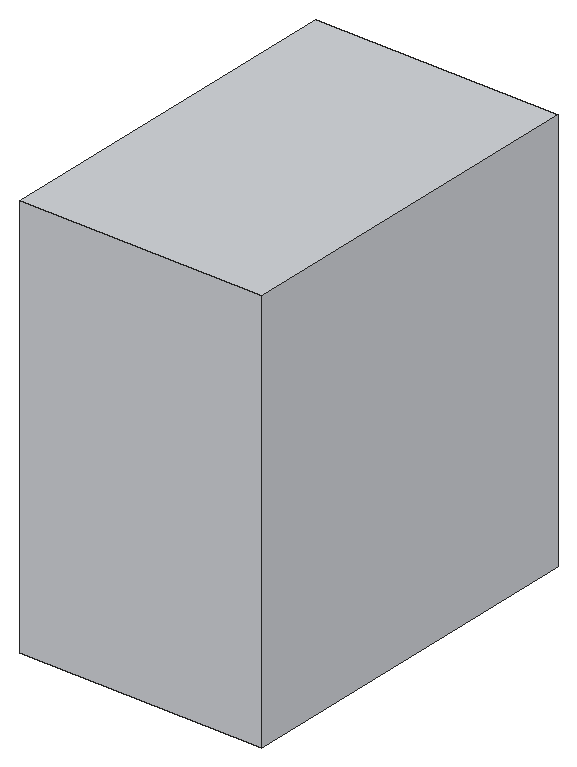
Revit family
Parameters
  Warranty Duration (Years) = 0
  Unit Width [instance] = 1' - 4 1/16"
  Unit Height [instance] = 3' - 5 1/4"
  Unit Depth = 0' - 0 1/2"
  URL = "http://www.americanspecialties.com/viewCategories.cfm"
  Trim Material = Metal - Stainless Steel
  Test Data = ""
  Specification = "http://www.arcat.com/sdspecs/htm/10810asi.htm"
  SpecWizard = ""
  Send Message = "http://www.arcat.com/users.pl?action=UserEmail&company=American%20Specialties,%20Inc.&coid=30448&rep=139&fax=914-476-0688&mf="
  Sales Information = "http://www.americanspecialties.com/contact"
  Revision = "R1_10-2010"
  Product Properties = "http://www.americanspecialties.com/datasheets/64696A%20R3.pdf"
  Product Data = "http://www.arcat.com/arcatcos/cos30/arc30448.html"
  Model = "As Specified in 10 28 13"
  Manufacturer Website = "http://www.americanspecialties.com/viewCategories.cfm"
  Manufacturer Phone - Toll Free = ""
  Manufacturer Phone = "914-476-9000 "
  Manufacturer Fax = "914-476-0688"
  Manufacturer Address = "441 Saw Mill River Rd., Yonkers, NY 10701"
  Manufacturer = "American Specialties, Inc."
  Maintenance Schedule (Months) = 0
  Keynote = "10 28 13"
  Installation-Fabrication = "http://www.americanspecialties.com/products.cfm"
  Green Building-LEED = ""
  Expected Lifespan (Years) = 0
  Drawn By = "Robert S. Weygant. CSI, CDT, SCIP"  # constant formula
  Description = "Toilet Accessory as Specified in 10 28 13"
  Default Elevation = 4' - 0"
  Copyright = "©Arcat Inc."
  Construction Details = "http://www.arcat.com/green/clients/leed_data_30448.html"
  Building Codes = "http://www.americanspecialties.com/products.cfm"
  Body Material = Metal - Stainless Steel
  Assembly Code = "C1030210"
Reference planes (in)
  plane 1 "Center (Front/Back)": y = -0.29112
  plane 2 "Floor Line": z = 0
  plane 3 "Center (Left/Right)": x = -0.65843
Forms (in)
  Extrusion 1, solid
    sketch origin (-3, -9, -6) x (0, 0, -1) y (1, 0, 0)
      loop
        line (-82, 26) -> (-82, -19.34712) -> (-6, -19.34712) -> (-6, 26) -> (-82, 26)
    from 28.29112 to -41.06337
  Extrusion 2, solid, material "Metal - Stainless Steel" <- "Body Material"
    sketch origin (0, 0, 0) x (1, 0, 0) y (0, 1, 0)
      loop
        line (-7.68968, 19.33388) -> (-7.68968, -19.91612) -> (6.37282, -19.91612) -> (6.37282, 19.33388) -> (-7.68968, 19.33388)
    from 0 to -9.125
  Extrusion 3, solid, material "Metal - Stainless Steel" <- "Body Material"
    sketch origin (-0.90625, -0.29112, 0) x (1, 0, 0) y (0, 0, 1)
      loop
        line (-7.78343, 0) -> (8.27907, 0) -> (8.27907, 0.5) -> (-7.78343, 0.5) -> (-7.78343, 0)
    from -20.625 to 20.625
  Extrusion 4, solid, material "Metal - Stainless Steel" <- "Trim Material"
    sketch origin (0, 0, -0.4375) x (1, 0, 0) y (0, 1, 0)
      loop
        circle (5.37282, 11.83388) r 0.5
      loop
        line (5.316, 11.41524) -> (5.42963, 11.41524) -> (5.42963, 12.26475) -> (5.316, 12.26475) -> (5.316, 11.41524)
      loop
        circle (5.37282, -12.41612) r 0.5
      loop
        line (5.316, -11.99747) -> (5.316, -12.84698) -> (5.42963, -12.84698) -> (5.42963, -11.99747) -> (5.316, -11.99747)
    from 0.9375 to 1
  Extrusion 5, void
    sketch origin (-0.65843, 0, 0) x (0, 1, 0) y (0, 0, 1)
      loop
        line (6.70888, 0.5) -> (-1.79112, 0.5) -> (-1.79112, -8.72533) -> (6.70888, -8.72533) -> (6.70888, 0.5)
    from -6.03125 to 6.03125
  Extrusion 6, solid, material "Metal - Stainless Steel" <- "Body Material"
    sketch origin (0, 0, 0) x (1, 0, 0) y (0, 1, 0)
      loop
        line (-6.68968, 6.70888) -> (-6.68968, 4.20888) -> (5.37282, 4.20888) -> (5.37282, 6.70888) -> (4.87282, 6.70888) -> (4.41108, 4.70888) -> (-5.72795, 4.70888) -> (-6.18968, 6.70888) -> (-6.68968, 6.70888)
    from 0 to -8.72533
  Extrusion 7, void
    sketch origin (0, 0, 0) x (1, 0, 0) y (0, 1, 0)
      loop
        line (-7.68968, 19.33388) -> (-7.68968, -19.91612) -> (6.37282, -19.91612) -> (6.37282, 19.33388) -> (-7.68968, 19.33388)
    from 0 to -9.125
Cuts and joins
  Extrusion 5 cuts Extrusion 2
  Extrusion 5 cuts Extrusion 3
Dimensions and locks (in)
  Extrusion 3 sketch curve to Extrusion 3 sketch curve = 1' - 4 1/16"
  Extrusion 3 sketch curve to Extrusion 3 sketch curve = 0' - 0 1/2"
  aligned and locked: Extrusion 1 to level
